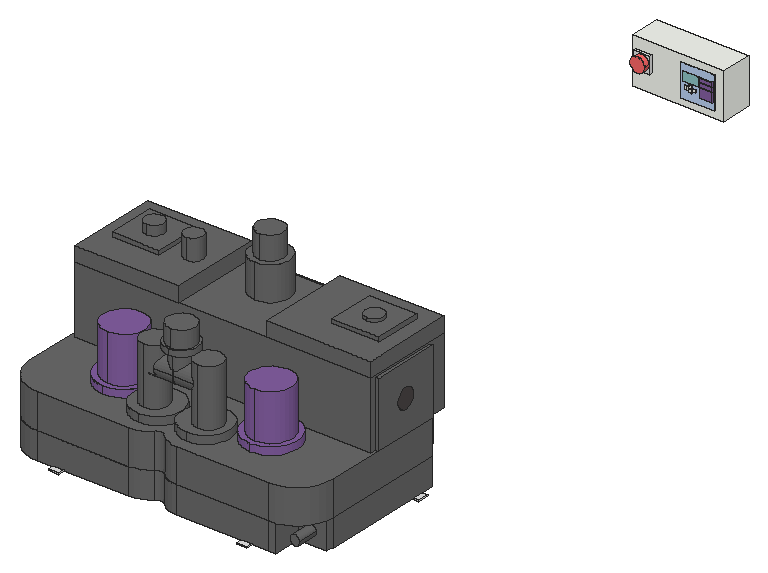
Revit family "11100", category Generic Models, Revit 2021
Family settings
  Can host rebar = No
  Round Connector Dimension = Use Diameter
  Part Type = Normal
  Work Plane-Based = No
  Always vertical = Yes
  Cut with Voids When Loaded = No
  Shared = Yes
  Room Calculation Point = No
Parameters (values of type "11100")
  SUPPLIER = "KESSEL"
  SA700ID49 = "Protection Class I"
  SA700ID48 = "no"
  SA700ID47 = "no"
  SA700ID46 = "yes"
  SA700ID37 = 8000 mm
  SA700ID34 = 40
  SA700ID33 = 1.4 W
  SA700ID32 = 108.79 kg
  SA700ID31 = 1
  SA700ID30 = 2
  SA700ID29 = "RWDR"
  SA700ID21 = 800
  SA700ID10 = "yes"
  SA700ID08 = 400 V
  PROCUREWEBLINK = "https://p.caden.as/kessel/11100"
  PROCURELINK = "p.caden.as/kessel/11100"
  PROCUREDATALASTUPDATE = "2024-05-22T12:17:47.507514471+01:00"
  PREVIEW = "../../_pool_/36/c6/11100.png"
  PRC_SPECIFICATIONLINK = "https://ausschreiben.de/catalog/kessel/catalogItem/57b6c2e4-b767-4883-95d8-9f2e30815597"
  NN = "Lifting station Aqualift F XL"
  NBSYN = "$SA810ID03."
  NB = "11100"
  Model = "11100"
  Manufacturer = "KESSEL"
  MIdent = "{$CADENAS_DATA/23d-libs/kessel/kessel_vdi_import/4/entwaesserung/hebeanlage20aqualift20f20xl.prj},201 {STYP=ASS},{VTYP=3D},{NB=11100},{LINA=11100},{NN=Lifting station Aqualift F XL},{DATE=21.11.2022 10:48:11},{GEOMDATE=21.11.2022 10:48:11},{VERSION=},{LINEID=320},{WBVAR=LODLEVEL},{WBNUMERIC=LODLEVEL}  {NB=11100},{LINA=11100},{KT=DUMMY},{PREVIEW=../../_pool_/36/c6/11100.png},{SA700ID04=Hebeanlage Aqualift F XL 300 l, Duo, SPF 1500-S1},{SA810ID06=04026092057674},{SA700ID34=40.00},{SA010ID03=201805},{SA810ID03=11100},{SA810ID10=Aqualift F XL 1500W-S1 Duo 300L o.S.KESSEL Aqualift F XL Hebeanlage für fäkalienhaltiges und fäkalienfreies Abwasser. Zur Aufstellung in frostgeschützten Räumen.Duoanlage mit zwei Pumpen des Typs SPF 1500-S1 Sammelbehälter aus Polyethylen, mit verschraubter Reinigungsöffnung,Anschlussstutzen für Zulauf von oben DN100/150.Inklusive Tauchrohr zur pneumatischen Niveauerfassung,Entlüftungsanschluss DN 70 und Anschluss für eine Handmembranpumpe DN 32.Behälter inklusive Haltewinkel zur Auftriebssicherung.Behältervolumen 300 Liter, max. Nutzvolumen bei Zulauf von oben ca. 175 Liter.Zwei seitliche und drei rückseitige Anbohrflächen zur Montage weiterer Zuläufe bis DN 200 unter Verwendung von Durchgangsdichtungen.Inklusive KESSEL Schaltgerät Aqualift Comfort 400 V.Anwenderfreundliche Menüführung im mehrzeiligem Display. MitSelbstdiagnosesystem (SDS) und Erinnerungsfunktion für nächste Wartung.Anzeige der aktuellen Messwerte. Einfache Einstellung derfunktionsrelevanten Parameter, inklusive Betriebsstundenzähler und potentialfreiem Kontakt. Optionale Weiterleitung von Alarm- und Sammelstörmeldung über GSM Schnittstelle.Schaltgerät mit Volltextanzeige in sechs Sprachen.Abwasserpumpe(n) mit Freistromrad zur Förderung von fäkalienfreiem und fäkalienhaltigem Abwasser gemäß DIN EN 12050-1. Freier Kugeldurchgang mindestens 40 mm. Pumpe(n) überflutungssicher.Inklusive Rückflussverhinderer, mit Druckabgang aus Kunststoff DN 100. Ohne Absperrschieber.Pumpe(n) Typ SPF 1500-S1Fördermenge: max. 40 m³/hFörderhöhe: max. 8 mNennleistung (P2): 1,1 KW je PumpeAufnahmeleistung (P1): 1,4 KW je PumpeBetriebsspannung: 400 V DSNennfrequenz: 50 HzNennstrom: 2,7 AAbsicherung: 3 x 16 A trägeSchutzart (Pumpe): IP68 3mWS/48hSchutzart (Schaltgerät): IP 65Bertiebsart: S1Kabellänge: 5 mAußenmaße Anlage mit 300 Liter Behälter (BxTxH): 1260 x 760 x 770 mmGewicht ca. 108,79 kg},{SA700ID37=8.00},{SA700ID33=1.40},{SA700ID08=400},{SA700ID30=2},{SA700ID32=108.79},{SA700ID49=Schutzklasse I},{SA700ID50=intern},{SA200ID03=6},{SA250ID03=vertikal},{SA260ID03=Trockenläuferpumpe},{SA350ID03=normalansaugend},{SA400ID03=E-Motor für Drehstrom},{SA460ID03=direkt},{SA500ID03=Kunststoff, Edelstahl},{SA700ID06=100},{SA700ID07=100},{SA700ID09=3/N/PE 400V},{SA700ID10=Ja},{SA700ID11=50},{SA700ID12=IP 68},{SA700ID13=F},{SA700ID15=40},{SA700ID21=800.00},{SA700ID22=1.10},{SA700ID23=1415},{SA700ID24=1415},{SA700ID26=2.70},{SA700ID27=21.00},{SA700ID28=durchgehend},{SA700ID29=RWDR},{SA700ID31=1},{SA700ID46=ja},{SA700ID47=nein},{SA700ID48=nein},{SA110ID04=Hebeanlage Aqualift F XL},{SA300ID03=einstufig},{SA700ID44=10.00},{SA700ID45=10.00},{SA010ID04=KESSEL AG},{LODLEVEL=200},{LINK=https://www.kessel.de/info?han=11100},{SA970ID01=970},{SA970ID02=7182},{SA970ID03=11100},{SA970ID04=11002617},{SA970ID05=QUAD},{SA970ID06=-655.51},{SA970ID07=-635.99},{SA970ID08=0},{SA970ID09=1},{SA970ID10=0},{SA970ID11=0},{SA970ID12=0},{SA970ID13=1},{SA970ID14=0},{SA970ID15=1311.02},{SA970ID16=785.99},{SA970ID17=771},{LODLEVEL_=200,'Low'},{LODLEVEL_DEU=200,'Low'},{LINK_=https://www.kessel.de/info?han=11100},{LINK_DEU=https://www.kessel.de/info?han=11100},{LODLEVEL_3DB=11100_200},{DNIN1=100},{DNIN2=70},{DNIN4=10},{DNIN5=10},{DNIN6=50},{DNIN7=50},{DNIN8=50},{DNIN9=50},{DNOUT1=32},{DNOUT2=100},{DNOUT3=70},{ISD1=96},{ISD2=10},{ISDOUT1=40},{ISDOUT2=60},{ISDOUT3=65},{SA010ID01=010},{SA010ID02=4},{SA010ID06=www.kessel.de},{SA010ID07=www.kessel.de},{SA010ID12=20180713},{SA010ID13=DEU},{SA010ID14=DE},{SA100ID01=100},{SA100ID02=4},{SA100ID04=Entwässerung},{SA110ID01=110},{SA110ID02=6},{SA200ID01=200},{SA200ID02=6},{SA250ID01=250},{SA250ID02=2},{SA260ID01=260},{SA260ID02=2},{SA300ID01=300},{SA300ID02=1},{SA350ID01=350},{SA350ID02=1},{SA400ID01=400},{SA400ID02=2},{SA460ID01=460},{SA460ID02=1},{SA500ID01=500},{SA500ID02=1},{SA700ID01=700},{SA700ID02=72},{SA700ID10_=1},{SA700ID16=0},{SA700ID25=0},{SA700ID46_=1},{SA700ID47_=0},{SA700ID48_=0},{SA700ID49_=1},{SA700ID50_=2},{SA800ID01=800},{SA800ID02=36},{SA810ID01=810},{SA810ID02=72},{SA810ID04=11100},{SA810ID07=72},{SA810ID09=1},{SA810ID14=PCE},{SA810ID15=1},{SA810ID16=NMP},{SA960ID03=72},{SA960ID04=3L},{SA960ID08=https://www.kessel.de/info?han=11100},{SA010ID08=4026092000007},{SA100ID05=Hebeanlage},{SA110ID06=Hebeanlage}"
  LINK = "https://www.kessel.de/info?han=11100"
  LINA = "11100"
  Default Elevation = 0 mm
  CREATOR = "CADENAS GmbH"
  CATALOG = "KESSEL"
  BOMINFO = "LINA"
  ARTICLENO = "NB"
  4.810.00.9 Order quantity (multiplicator) = "1"
  4.810.00.7 Media- connection number = "72"
  4.810.00.6 GTIN number = "04026092057674"
  4.810.00.4 DATANORM number = "11100"
  4.810.00.3 Producer order number = "11100"
  4.710.03.7 Mass (net) = 108.79 kg
  4.710.03.6 Height = 770 mm
  4.710.03.5 Width = 760 mm
  4.710.03.4 Length = 1260 mm
  4.710.03.3 Type of dimensions = "2"
  4.710.02.8 Area of application of wastewater pump = "1"
  4.710.02.6 Duty type = "S1"
  4.710.02.5 Cutting device = "0"
  4.710.02.4 Attached pump control = "1"
  4.710.02.3 Free passage = 40 mm
  4.710.01.6 Option to connect to building automation = "40"
  4.710.01.5 Load regulation = "0"
  4.710.01.4 Designation of closed-loop control = "175"
  4.710.01.3 Identifier for closed-loop control = "300"
  4.700.00.9 Voltage = 0
  4.700.00.8 Nominal connection size on suction side = "100"
  4.700.00.7 Nominal connection size on pressure side = "100"
  4.700.00.6 Type of connection = "100"
  4.700.00.4 Product indentification = "Hebeanlage Aqualift F XL 300 l, Duo, SPF 1500-S1"
  4.700.00.28 Motor pump shaft = "durchgehend"
  4.700.00.27 Starting current = 21
  4.700.00.26 Maximum power consumption per pump / drive = 2.7
  4.700.00.25 Minimum speed at internal speed adjustment = 0
  4.700.00.24 Nominal speed / maximum speed n = 23.5833
  4.700.00.23 Nominal speed of motor = 23.5833
  4.700.00.22 Maximum shaft output (P2) per pump/drive = 1.1 W
  4.700.00.16 Maximum temperature of pumped medium = 0 °C
  4.700.00.15 Increased safety class = "40 °C"
  4.700.00.13 Type of protection = "F"
  4.700.00.12 Frequency = 0
  4.700.00.11 Stern-/Dreieck-Anlaufschaltung bei Dreiphasenanschluss oder Drehstrom = "50 Hz"
  4.700.00.10 Phase = "1"
  4.500.00.3 Variant / Variant type / Accessories-name = "Kunststoff, Edelstahl"
  4.460.00.3 Variant / Variant type / Accessories-name = "direkt"
  4.400.00.3 Variant / Variant type / Accessories-name = "E-Motor für Drehstrom"
  4.350.00.3 Variant / Variant type / Accessories-name = "normalansaugend"
  4.300.00.3 Variant / Variant type / Accessories-name = "einstufig"
  4.260.00.3 Variant / Variant type / Accessories-name = "Trockenläuferpumpe"
  4.250.00.3 Variant / Variant type / Accessories-name = "vertikal"
  4.200.00.3 Variant / Variant type / Accessories-name = "6"
  4.110.00.6 Product classification = "Hebeanlage"
  4.110.00.4 Product indentification = "Hebeanlage Aqualift F XL"
  4.100.00.5 Main groups of wares = "Hebeanlage"
  4.100.00.4 Product indentification = "Entwässerung"
  4.010.00.8 Producer ID number = "4026092000007"
  4.010.00.7 Comment = "www.kessel.de"
  4.010.00.6 Web address of the manufacturer = "www.kessel.de"
  4.010.00.4 Manufacturer name = "KESSEL AG"
  4.010.00.3 Date of issuance (month) of guideline = "201805"
  4.010.00.2 Sheet number of the guideline = "4"
  4.010.00.14 Kennungen der Projektländer, für die die Datei gültig ist = "DE"
  4.010.00.13 Sprache der Datei = "DEU"
  4.010.00.12 Stand des Herstellerkatalogs = "20180713"
Reference planes
  plane 1 "Center (Front/Back)": y = 0
  plane 2: z = 0
  plane 3 "Center (Left/Right)": x = 0
Dimensions and locks
  aligned and locked: level to plane 2
Nested families
  nested 1: "11100_content" at (0, 0, 0), type "11100_Content"
  nested 2: "11100_part1_X0Y0" at (1000, 1000, 1200), type "11100_PART1_X0Y0"
  nested 3: "11100_part2_X0Y0" at (0, 0, 0), type "11100_PART2_X0Y0"
Connectors
  electrical at (861, 933, 1201.5)
    settings: on nested 2, index 1, voltage 0 V, apparent load 0 VA, apparent load phase1 0 VA, apparent load phase2 0 VA, apparent load phase3 0 VA, power factor 1, load classification "Other", number of poles 1, system type 31, power factor state 1, is connector primary yes, connector utility no, sub classification motor no, connector description ""
  piping at (0, 0, 771), diameter 100
    settings: on nested 3, index 2, connector inside diameter 609.6 mm, connector length 0 mm, flow factor 0, pipe flow 0.0 L/s, pressure drop 0.0 Pa, fitting loss kfactor 0, connector angle 0.00°, fixture units 0, engagement length 0 mm, angle of deflection 0.00°, flow configuration 0, flow direction 1, fitting loss method 2, system type 8, joint type 0, gender type 0, connector reference index -1, connector utility 0, adjustable connector no, is connector primary yes, connector description ""
  piping at (631, -84.999, 392), diameter 70
    settings: on nested 3, index 3, connector inside diameter 609.6 mm, connector length 0 mm, flow factor 0, pipe flow 0.0 L/s, pressure drop 0.0 Pa, fitting loss kfactor 0, connector angle 0.00°, fixture units 0, engagement length 0 mm, angle of deflection 0.00°, flow configuration 0, flow direction 0, fitting loss method 2, system type 8, joint type 0, gender type 0, connector reference index -1, connector utility 0, adjustable connector no, is connector primary no, connector description ""
  piping at (358.7, 150.5, 392), diameter 70
    settings: on nested 3, index 4, connector inside diameter 609.6 mm, connector length 0 mm, flow factor 0, pipe flow 0.0 L/s, pressure drop 0.0 Pa, fitting loss kfactor 0, connector angle 0.00°, fixture units 0, engagement length 0 mm, angle of deflection 0.00°, flow configuration 0, flow direction 0, fitting loss method 2, system type 8, joint type 0, gender type 0, connector reference index -1, connector utility 0, adjustable connector no, is connector primary no, connector description ""
  piping at (0, 150.5, 392), diameter 70
    settings: on nested 3, index 5, connector inside diameter 609.6 mm, connector length 0 mm, flow factor 0, pipe flow 0.0 L/s, pressure drop 0.0 Pa, fitting loss kfactor 0, connector angle 0.00°, fixture units 0, engagement length 0 mm, angle of deflection 0.00°, flow configuration 0, flow direction 0, fitting loss method 2, system type 8, joint type 0, gender type 0, connector reference index -1, connector utility 0, adjustable connector no, is connector primary no, connector description ""
  piping at (-357.7, 150.5, 392), diameter 70
    settings: on nested 3, index 6, connector inside diameter 609.6 mm, connector length 0 mm, flow factor 0, pipe flow 0.0 L/s, pressure drop 0.0 Pa, fitting loss kfactor 0, connector angle 0.00°, fixture units 0, engagement length 0 mm, angle of deflection 0.00°, flow configuration 0, flow direction 0, fitting loss method 2, system type 8, joint type 0, gender type 0, connector reference index -1, connector utility 0, adjustable connector no, is connector primary no, connector description ""
  piping at (-630, -85, 392), diameter 70
    settings: on nested 3, index 7, connector inside diameter 609.6 mm, connector length 0 mm, flow factor 0, pipe flow 0.0 L/s, pressure drop 0.0 Pa, fitting loss kfactor 0, connector angle 0.00°, fixture units 0, engagement length 0 mm, angle of deflection 0.00°, flow configuration 0, flow direction 0, fitting loss method 2, system type 8, joint type 0, gender type 0, connector reference index -1, connector utility 0, adjustable connector no, is connector primary no, connector description ""
  piping at (0, -460, 620), diameter 100
    settings: on nested 3, index 8, connector inside diameter 609.6 mm, connector length 0 mm, flow factor 0, pipe flow 0.0 L/s, pressure drop 0.0 Pa, fitting loss kfactor 0, connector angle 0.00°, fixture units 0, engagement length 0 mm, angle of deflection 0.00°, flow configuration 0, flow direction 2, fitting loss method 2, system type 7, joint type 0, gender type 0, connector reference index -1, connector utility 0, adjustable connector no, is connector primary no, connector description ""
  piping at (-269.5, -60, 681), diameter 70
    settings: on nested 3, index 9, connector inside diameter 609.6 mm, connector length 0 mm, flow factor 0, pipe flow 0.0 L/s, pressure drop 0.0 Pa, fitting loss kfactor 0, connector angle 0.00°, fixture units 0, engagement length 0 mm, angle of deflection 0.00°, flow configuration 0, flow direction 2, fitting loss method 2, system type 7, joint type 0, gender type 0, connector reference index -1, connector utility 0, adjustable connector no, is connector primary no, connector description ""
  piping at (565, -575.5, 56), diameter 32
    settings: on nested 3, index 10, connector inside diameter 609.6 mm, connector length 0 mm, flow factor 0, pipe flow 0.0 L/s, pressure drop 0.0 Pa, fitting loss kfactor 0, connector angle 0.00°, fixture units 0, engagement length 0 mm, angle of deflection 0.00°, flow configuration 0, flow direction 2, fitting loss method 2, system type 7, joint type 0, gender type 0, connector reference index -1, connector utility 0, adjustable connector no, is connector primary no, connector description ""
  electrical at (305.4, -376.25, 477)
    settings: on nested 3, index 11, voltage 0 V, apparent load 0 VA, apparent load phase1 0 VA, apparent load phase2 0 VA, apparent load phase3 0 VA, power factor 1, load classification "Other", number of poles 1, system type 31, power factor state 1, is connector primary no, connector utility no, sub classification motor no, connector description ""
  electrical at (-305.4, -376.25, 477)
    settings: on nested 3, index 12, voltage 0 V, apparent load 0 VA, apparent load phase1 0 VA, apparent load phase2 0 VA, apparent load phase3 0 VA, power factor 1, load classification "Other", number of poles 1, system type 31, power factor state 1, is connector primary no, connector utility no, sub classification motor no, connector description ""
  electrical at (-457, -29.5, 650)
    settings: on nested 3, index 13, voltage 0 V, apparent load 0 VA, apparent load phase1 0 VA, apparent load phase2 0 VA, apparent load phase3 0 VA, power factor 1, load classification "Other", number of poles 1, system type 31, power factor state 1, is connector primary no, connector utility no, sub classification motor no, connector description ""
Definition of nested family "11100_part1_X0Y0"
  Parameters (values of type "11100_PART1_X0Y0")
    SUPPLIER = "KESSEL"
    SA700ID49 = "Protection Class I"
    SA700ID48 = "no"
    SA700ID47 = "no"
    SA700ID46 = "yes"
    SA700ID37 = 8000 mm
    SA700ID34 = 40
    SA700ID33 = 1.4 W
    SA700ID32 = 108.79 kg
    SA700ID31 = 1
    SA700ID30 = 2
    SA700ID29 = "RWDR"
    SA700ID21 = 800
    SA700ID10 = "yes"
    SA700ID08 = 400 V
    PREVIEW = "../../_pool_/36/c6/11100.png"
    NBSYN = "$SA810ID03._PART1"
    NB = "11100_PART1"
    Model = "11100_PART1"
    Manufacturer = "KESSEL"
    MIdent = "{$CADENAS_DATA/23d-libs/kessel/kessel_vdi_import/4/entwaesserung/hebeanlage20aqualift20f20xl.prj},221 {VTYP=3D},{NB=11100_PART1},{LINA=11100_PART1},{NN=Lifting station Aqualift F XL_PART1},{NOPRJ=TRUE},{DATE=21.11.2022 10:48:11},{GEOMDATE=21.11.2022 10:48:11},{VERSION=},{LINEID=320},{WBVAR=LODLEVEL},{WBNUMERIC=LODLEVEL}  {NB=11100_PART1},{LINA=11100_PART1},{KT=DUMMY},{PREVIEW=../../_pool_/36/c6/11100.png},{SA700ID04=Hebeanlage Aqualift F XL 300 l, Duo, SPF 1500-S1},{SA810ID06=04026092057674},{SA700ID34=40.00},{SA010ID03=201805},{SA810ID03=11100},{SA810ID10=Aqualift F XL 1500W-S1 Duo 300L o.S.KESSEL Aqualift F XL Hebeanlage für fäkalienhaltiges und fäkalienfreies Abwasser. Zur Aufstellung in frostgeschützten Räumen.Duoanlage mit zwei Pumpen des Typs SPF 1500-S1 Sammelbehälter aus Polyethylen, mit verschraubter Reinigungsöffnung,Anschlussstutzen für Zulauf von oben DN100/150.Inklusive Tauchrohr zur pneumatischen Niveauerfassung,Entlüftungsanschluss DN 70 und Anschluss für eine Handmembranpumpe DN 32.Behälter inklusive Haltewinkel zur Auftriebssicherung.Behältervolumen 300 Liter, max. Nutzvolumen bei Zulauf von oben ca. 175 Liter.Zwei seitliche und drei rückseitige Anbohrflächen zur Montage weiterer Zuläufe bis DN 200 unter Verwendung von Durchgangsdichtungen.Inklusive KESSEL Schaltgerät Aqualift Comfort 400 V.Anwenderfreundliche Menüführung im mehrzeiligem Display. MitSelbstdiagnosesystem (SDS) und Erinnerungsfunktion für nächste Wartung.Anzeige der aktuellen Messwerte. Einfache Einstellung derfunktionsrelevanten Parameter, inklusive Betriebsstundenzähler und potentialfreiem Kontakt. Optionale Weiterleitung von Alarm- und Sammelstörmeldung über GSM Schnittstelle.Schaltgerät mit Volltextanzeige in sechs Sprachen.Abwasserpumpe(n) mit Freistromrad zur Förderung von fäkalienfreiem und fäkalienhaltigem Abwasser gemäß DIN EN 12050-1. Freier Kugeldurchgang mindestens 40 mm. Pumpe(n) überflutungssicher.Inklusive Rückflussverhinderer, mit Druckabgang aus Kunststoff DN 100. Ohne Absperrschieber.Pumpe(n) Typ SPF 1500-S1Fördermenge: max. 40 m³/hFörderhöhe: max. 8 mNennleistung (P2): 1,1 KW je PumpeAufnahmeleistung (P1): 1,4 KW je PumpeBetriebsspannung: 400 V DSNennfrequenz: 50 HzNennstrom: 2,7 AAbsicherung: 3 x 16 A trägeSchutzart (Pumpe): IP68 3mWS/48hSchutzart (Schaltgerät): IP 65Bertiebsart: S1Kabellänge: 5 mAußenmaße Anlage mit 300 Liter Behälter (BxTxH): 1260 x 760 x 770 mmGewicht ca. 108,79 kg},{SA700ID37=8.00},{SA700ID33=1.40},{SA700ID08=400},{SA700ID30=2},{SA700ID32=108.79},{SA700ID49=Schutzklasse I},{SA700ID50=intern},{SA200ID03=6},{SA250ID03=vertikal},{SA260ID03=Trockenläuferpumpe},{SA350ID03=normalansaugend},{SA400ID03=E-Motor für Drehstrom},{SA460ID03=direkt},{SA500ID03=Kunststoff, Edelstahl},{SA700ID06=100},{SA700ID07=100},{SA700ID09=3/N/PE 400V},{SA700ID10=Ja},{SA700ID11=50},{SA700ID12=IP 68},{SA700ID13=F},{SA700ID15=40},{SA700ID21=800.00},{SA700ID22=1.10},{SA700ID23=1415},{SA700ID24=1415},{SA700ID26=2.70},{SA700ID27=21.00},{SA700ID28=durchgehend},{SA700ID29=RWDR},{SA700ID31=1},{SA700ID46=ja},{SA700ID47=nein},{SA700ID48=nein},{SA110ID04=Hebeanlage Aqualift F XL},{SA300ID03=einstufig},{SA700ID44=10.00},{SA700ID45=10.00},{SA010ID04=KESSEL AG},{LODLEVEL=200},{LINK=https://www.kessel.de/info?han=11100},{SA970ID01=970},{SA970ID02=7182},{SA970ID03=11100},{SA970ID04=11002617},{SA970ID05=QUAD},{SA970ID06=-655.51},{SA970ID07=-635.99},{SA970ID08=0},{SA970ID09=1},{SA970ID10=0},{SA970ID11=0},{SA970ID12=0},{SA970ID13=1},{SA970ID14=0},{SA970ID15=1311.02},{SA970ID16=785.99},{SA970ID17=771},{LODLEVEL_=200,'Low'},{LODLEVEL_DEU=200,'Low'},{LINK_=https://www.kessel.de/info?han=11100},{LINK_DEU=https://www.kessel.de/info?han=11100},{LODLEVEL_3DB=11100_200},{DNIN1=100},{DNIN2=70},{DNIN4=10},{DNIN5=10},{DNIN6=50},{DNIN7=50},{DNIN8=50},{DNIN9=50},{DNOUT1=32},{DNOUT2=100},{DNOUT3=70},{ISD1=96},{ISD2=10},{ISDOUT1=40},{ISDOUT2=60},{ISDOUT3=65},{SA010ID01=010},{SA010ID02=4},{SA010ID06=www.kessel.de},{SA010ID07=www.kessel.de},{SA010ID12=20180713},{SA010ID13=DEU},{SA010ID14=DE},{SA100ID01=100},{SA100ID02=4},{SA100ID04=Entwässerung},{SA110ID01=110},{SA110ID02=6},{SA200ID01=200},{SA200ID02=6},{SA250ID01=250},{SA250ID02=2},{SA260ID01=260},{SA260ID02=2},{SA300ID01=300},{SA300ID02=1},{SA350ID01=350},{SA350ID02=1},{SA400ID01=400},{SA400ID02=2},{SA460ID01=460},{SA460ID02=1},{SA500ID01=500},{SA500ID02=1},{SA700ID01=700},{SA700ID02=72},{SA700ID10_=1},{SA700ID16=0},{SA700ID25=0},{SA700ID46_=1},{SA700ID47_=0},{SA700ID48_=0},{SA700ID49_=1},{SA700ID50_=2},{SA800ID01=800},{SA800ID02=36},{SA810ID01=810},{SA810ID02=72},{SA810ID04=11100},{SA810ID07=72},{SA810ID09=1},{SA810ID14=PCE},{SA810ID15=1},{SA810ID16=NMP},{SA960ID03=72},{SA960ID04=3L},{SA960ID08=https://www.kessel.de/info?han=11100},{SA010ID08=4026092000007},{SA100ID05=Hebeanlage},{SA110ID06=Hebeanlage}"
    LINK = "https://www.kessel.de/info?han=11100"
    LINA = "11100_PART1"
    Default Elevation = 1219.2 mm
    CREATOR = "CADENAS GmbH"
    CATALOG = "KESSEL"
    BOMINFO = "LINA"
    ARTICLENO = "NB"
    4.810.00.9 Order quantity (multiplicator) = "1"
    4.810.00.7 Media- connection number = "72"
    4.810.00.6 GTIN number = "04026092057674"
    4.810.00.4 DATANORM number = "11100"
    4.810.00.3 Producer order number = "11100"
    4.710.03.7 Mass (net) = 108.79 kg
    4.710.03.6 Height = 770 mm
    4.710.03.5 Width = 760 mm
    4.710.03.4 Length = 1260 mm
    4.710.03.3 Type of dimensions = "2"
    4.710.02.8 Area of application of wastewater pump = "1"
    4.710.02.6 Duty type = "S1"
    4.710.02.5 Cutting device = "0"
    4.710.02.4 Attached pump control = "1"
    4.710.02.3 Free passage = 40 mm
    4.710.01.6 Option to connect to building automation = "40"
    4.710.01.5 Load regulation = "0"
    4.710.01.4 Designation of closed-loop control = "175"
    4.710.01.3 Identifier for closed-loop control = "300"
    4.700.00.9 Voltage = 0
    4.700.00.8 Nominal connection size on suction side = "100"
    4.700.00.7 Nominal connection size on pressure side = "100"
    4.700.00.6 Type of connection = "100"
    4.700.00.4 Product indentification = "Hebeanlage Aqualift F XL 300 l, Duo, SPF 1500-S1"
    4.700.00.28 Motor pump shaft = "durchgehend"
    4.700.00.27 Starting current = 21
    4.700.00.26 Maximum power consumption per pump / drive = 2.7
    4.700.00.25 Minimum speed at internal speed adjustment = 0
    4.700.00.24 Nominal speed / maximum speed n = 23.5833
    4.700.00.23 Nominal speed of motor = 23.5833
    4.700.00.22 Maximum shaft output (P2) per pump/drive = 1.1 W
    4.700.00.16 Maximum temperature of pumped medium = 0 °C
    4.700.00.15 Increased safety class = "40 °C"
    4.700.00.13 Type of protection = "F"
    4.700.00.12 Frequency = 0
    4.700.00.11 Stern-/Dreieck-Anlaufschaltung bei Dreiphasenanschluss oder Drehstrom = "50 Hz"
    4.700.00.10 Phase = "1"
    4.500.00.3 Variant / Variant type / Accessories-name = "Kunststoff, Edelstahl"
    4.460.00.3 Variant / Variant type / Accessories-name = "direkt"
    4.400.00.3 Variant / Variant type / Accessories-name = "E-Motor für Drehstrom"
    4.350.00.3 Variant / Variant type / Accessories-name = "normalansaugend"
    4.300.00.3 Variant / Variant type / Accessories-name = "einstufig"
    4.260.00.3 Variant / Variant type / Accessories-name = "Trockenläuferpumpe"
    4.250.00.3 Variant / Variant type / Accessories-name = "vertikal"
    4.200.00.3 Variant / Variant type / Accessories-name = "6"
    4.110.00.6 Product classification = "Hebeanlage"
    4.110.00.4 Product indentification = "Hebeanlage Aqualift F XL"
    4.100.00.5 Main groups of wares = "Hebeanlage"
    4.100.00.4 Product indentification = "Entwässerung"
    4.010.00.8 Producer ID number = "4026092000007"
    4.010.00.7 Comment = "www.kessel.de"
    4.010.00.6 Web address of the manufacturer = "www.kessel.de"
    4.010.00.4 Manufacturer name = "KESSEL AG"
    4.010.00.3 Date of issuance (month) of guideline = "201805"
    4.010.00.2 Sheet number of the guideline = "4"
    4.010.00.14 Kennungen der Projektländer, für die die Datei gültig ist = "DE"
    4.010.00.13 Sprache der Datei = "DEU"
    4.010.00.12 Stand des Herstellerkatalogs = "20180713"
  Reference planes
    plane 1 "Center (Front/Back)": y = 0
    plane 2: z = 0
    plane 3 "Center (Left/Right)": x = 0
  Dimensions and locks
    aligned and locked: level to plane 2
  Nested families
    nested 1: "11100_part1_content" at (0, 0, 0), type "11100_PART1_Content"
  Definition of nested family "11100_part1_content"
    Parameters (values of type "11100_PART1_Content")
      SUPPLIER = "KESSEL"
      SA700ID49 = "Protection Class I"
      SA700ID48 = "no"
      SA700ID47 = "no"
      SA700ID46 = "yes"
      SA700ID37 = 8000 mm
      SA700ID34 = 40
      SA700ID33 = 1.4 W
      SA700ID32 = 108.79 kg
      SA700ID31 = 1
      SA700ID30 = 2
      SA700ID29 = "RWDR"
      SA700ID21 = 800
      SA700ID10 = "yes"
      SA700ID08 = 400 V
      PREVIEW = "../../_pool_/36/c6/11100.png"
      NBSYN = "$SA810ID03._PART1"
      NB = "11100_PART1"
      Model = "11100_PART1"
      Manufacturer = "KESSEL"
      LINK = "https://www.kessel.de/info?han=11100"
      LINA = "11100_PART1"
      Default Elevation = 1219.2 mm
      CREATOR = "CADENAS GmbH"
      CATALOG = "KESSEL"
      BOMINFO = "LINA"
      ARTICLENO = "NB"
      4.810.00.9 Order quantity (multiplicator) = "1"
      4.810.00.7 Media- connection number = "72"
      4.810.00.6 GTIN number = "04026092057674"
      4.810.00.4 DATANORM number = "11100"
      4.810.00.3 Producer order number = "11100"
      4.710.03.7 Mass (net) = 108.79 kg
      4.710.03.6 Height = 770 mm
      4.710.03.5 Width = 760 mm
      4.710.03.4 Length = 1260 mm
      4.710.03.3 Type of dimensions = "2"
      4.710.02.8 Area of application of wastewater pump = "1"
      4.710.02.6 Duty type = "S1"
      4.710.02.5 Cutting device = "0"
      4.710.02.4 Attached pump control = "1"
      4.710.02.3 Free passage = 40 mm
      4.710.01.6 Option to connect to building automation = "40"
      4.710.01.5 Load regulation = "0"
      4.710.01.4 Designation of closed-loop control = "175"
      4.710.01.3 Identifier for closed-loop control = "300"
      4.700.00.9 Voltage = 0
      4.700.00.8 Nominal connection size on suction side = "100"
      4.700.00.7 Nominal connection size on pressure side = "100"
      4.700.00.6 Type of connection = "100"
      4.700.00.4 Product indentification = "Hebeanlage Aqualift F XL 300 l, Duo, SPF 1500-S1"
      4.700.00.28 Motor pump shaft = "durchgehend"
      4.700.00.27 Starting current = 21
      4.700.00.26 Maximum power consumption per pump / drive = 2.7
      4.700.00.25 Minimum speed at internal speed adjustment = 0
      4.700.00.24 Nominal speed / maximum speed n = 23.5833
      4.700.00.23 Nominal speed of motor = 23.5833
      4.700.00.22 Maximum shaft output (P2) per pump/drive = 1.1 W
      4.700.00.16 Maximum temperature of pumped medium = 0 °C
      4.700.00.15 Increased safety class = "40 °C"
      4.700.00.13 Type of protection = "F"
      4.700.00.12 Frequency = 0
      4.700.00.11 Stern-/Dreieck-Anlaufschaltung bei Dreiphasenanschluss oder Drehstrom = "50 Hz"
      4.700.00.10 Phase = "1"
      4.500.00.3 Variant / Variant type / Accessories-name = "Kunststoff, Edelstahl"
      4.460.00.3 Variant / Variant type / Accessories-name = "direkt"
      4.400.00.3 Variant / Variant type / Accessories-name = "E-Motor für Drehstrom"
      4.350.00.3 Variant / Variant type / Accessories-name = "normalansaugend"
      4.300.00.3 Variant / Variant type / Accessories-name = "einstufig"
      4.260.00.3 Variant / Variant type / Accessories-name = "Trockenläuferpumpe"
      4.250.00.3 Variant / Variant type / Accessories-name = "vertikal"
      4.200.00.3 Variant / Variant type / Accessories-name = "6"
      4.110.00.6 Product classification = "Hebeanlage"
      4.110.00.4 Product indentification = "Hebeanlage Aqualift F XL"
      4.100.00.5 Main groups of wares = "Hebeanlage"
      4.100.00.4 Product indentification = "Entwässerung"
      4.010.00.8 Producer ID number = "4026092000007"
      4.010.00.7 Comment = "www.kessel.de"
      4.010.00.6 Web address of the manufacturer = "www.kessel.de"
      4.010.00.4 Manufacturer name = "KESSEL AG"
      4.010.00.3 Date of issuance (month) of guideline = "201805"
      4.010.00.2 Sheet number of the guideline = "4"
      4.010.00.14 Kennungen der Projektländer, für die die Datei gültig ist = "DE"
      4.010.00.13 Sprache der Datei = "DEU"
      4.010.00.12 Stand des Herstellerkatalogs = "20180713"
    Reference planes
      plane 1 "Center (Front/Back)": y = 0
      plane 2: z = 0
      plane 3 "Center (Left/Right)": x = 0
    Forms (mm)
      Extrusion 1, solid, detail levels medium+fine
        sketch origin (189.25, -1.75, 0.2) x (0, -1, 0) y (0, 0, 1)
          loop
            line (0, 187.8) -> (0, 0) -> (127.75, 0) -> (127.75, 187.8) -> (0, 187.8)
        from 0 to 378.5
      Extrusion 2, solid, detail levels medium+fine
        sketch origin (-4, -67, 0) x (0, 1, 0) y (-1, 0, 0)
          loop
            circle (0, 0) r 12.5
        from 0 to 1.5
      Extrusion 3, solid, detail levels medium+fine
        sketch origin (150.8, -129.5, 26.5) x (0, -1, 0) y (0, 0, 1)
          loop
            line (-1.2, 134.8) -> (-1.2, 0) -> (0.25, 0) -> (0.25, 134.8) -> (-1.2, 134.8)
        from 0 to 139.9
      Extrusion 4, solid, detail levels medium+fine
        sketch origin (72.55, -129.75, 66) x (0, -1, 0) y (0, 0, 1)
          loop
            line (-1, 12) -> (-1, 0) -> (0.5, 0) -> (0.5, 12) -> (-1, 12)
        from 0 to 12
      Extrusion 5, solid, detail levels medium+fine
        sketch origin (84.45, -129.75, 93.4) x (0, -1, 0) y (0, 0, 1)
          loop
            line (-1, 37) -> (-1, 0) -> (0.5, 0) -> (0.5, 37) -> (-1, 37)
        from 0 to 66
      Extrusion 6, solid, detail levels medium+fine
        sketch origin (55.3, -129.75, 74) x (0, -1, 0) y (0, 0, 1)
          loop
            line (-1, 12) -> (-1, 0) -> (0.5, 0) -> (0.5, 12) -> (-1, 12)
        from 0 to 12
      Extrusion 7, solid, detail levels medium+fine
        sketch origin (143.3, -129.75, 94.4) x (0, -1, 0) y (0, 0, 1)
          loop
            line (0, 16) -> (0, 0) -> (1.75, 0) -> (1.75, 16) -> (0, 16)
        from 0 to 51
      Extrusion 8, solid, detail levels medium+fine
        sketch origin (143.3, -129.75, 54.4) x (0, -1, 0) y (0, 0, 1)
          loop
            line (0, 36) -> (0, 0) -> (1.75, 0) -> (1.75, 36) -> (0, 36)
        from 0 to 51
      Extrusion 9, solid, detail levels medium+fine
        sketch origin (55.3, -129.75, 57.5) x (0, -1, 0) y (0, 0, 1)
          loop
            line (-1, 12) -> (-1, 0) -> (0.5, 0) -> (0.5, 12) -> (-1, 12)
        from 0 to 12
      Extrusion 10, solid, detail levels medium+fine
        sketch origin (143.3, -129.75, 114.4) x (0, -1, 0) y (0, 0, 1)
          loop
            line (0, 16) -> (0, 0) -> (1.75, 0) -> (1.75, 16) -> (0, 16)
        from 0 to 51
      Extrusion 11, solid, detail levels medium+fine
        sketch origin (38.05, -129.75, 66) x (0, -1, 0) y (0, 0, 1)
          loop
            line (-1, 12) -> (-1, 0) -> (0.5, 0) -> (0.5, 12) -> (-1, 12)
        from 0 to 12
      Extrusion 12, solid, detail levels medium+fine
        sketch origin (47, -72, 0) x (0, 1, 0) y (-1, 0, 0)
          loop
            circle (0, 0) r 8
        from 0 to 1.5
      Extrusion 13, solid, detail levels medium+fine
        sketch origin (47, -42, 0) x (0, 1, 0) y (-1, 0, 0)
          loop
            circle (0, 0) r 5.25
        from 0 to 1.5
      Extrusion 14, solid, detail levels medium+fine
        sketch origin (77, -72, 0) x (0, 1, 0) y (-1, 0, 0)
          loop
            circle (0, 0) r 8
        from 0 to 1.5
      Extrusion 15, solid, detail levels medium+fine
        sketch origin (-94, -67, 0) x (0, 1, 0) y (-1, 0, 0)
          loop
            circle (0, 0) r 12.5
        from 0 to 1.5
      Extrusion 16, solid, detail levels medium+fine
        sketch origin (92, -42, 0) x (0, 1, 0) y (-1, 0, 0)
          loop
            circle (0, 0) r 8
        from 0 to 1.5
      Extrusion 17, solid, detail levels medium+fine
        sketch origin (107, -72, 0) x (0, 1, 0) y (-1, 0, 0)
          loop
            circle (0, 0) r 8
        from 0 to 1.5
      Extrusion 18, solid, detail levels medium+fine
        sketch origin (122, -42, 0) x (0, 1, 0) y (-1, 0, 0)
          loop
            circle (0, 0) r 8
        from 0 to 1.5
      Extrusion 19, solid, detail levels medium+fine
        sketch origin (-107.7, -129.5, 76.9) x (0, -1, 0) y (0, 0, 1)
          loop
            line (0, 67) -> (0, 0) -> (14, 0) -> (14, 67) -> (0, 67)
        from 0 to 67
      Extrusion 20, solid, detail levels medium+fine
        sketch origin (-141.2, -143.5, 110.4) x (1, 0, 0) y (0, 0, 1)
          loop
            circle (0, 0) r 30
        from 0 to 22
      Extrusion 21, solid, detail levels medium+fine
        sketch origin (127, -15, 0) x (0, 1, 0) y (-1, 0, 0)
          loop
            circle (0, 0) r 6
        from 0 to 1.5
      Extrusion 22, solid, detail levels medium+fine
        sketch origin (137, -72, 0) x (0, 1, 0) y (-1, 0, 0)
          loop
            circle (0, 0) r 8
        from 0 to 1.5
      Extrusion 23, solid, detail levels medium+fine
        sketch origin (-139, -67, 0) x (0, 1, 0) y (-1, 0, 0)
          loop
            circle (0, 0) r 12.5
        from 0 to 1.5
      Extrusion 24, solid, detail levels medium+fine
        sketch origin (152, -42, 0) x (0, 1, 0) y (-1, 0, 0)
          loop
            circle (0, 0) r 8
        from 0 to 1.5
      Extrusion 25, solid, detail levels coarse
        sketch origin (0, -83.625, 0) x (1, 0, 0) y (0, 1, 0)
          loop
            line (-189.25, -81.875) -> (189.25, -81.875) -> (189.25, 81.875) -> (-189.25, 81.875) -> (-189.25, -81.875)
        from 0 to 188
    Dimensions and locks
      aligned and locked: level to plane 2
Definition of nested family "11100_part2_X0Y0"
  Parameters (values of type "11100_PART2_X0Y0")
    SUPPLIER = "KESSEL"
    SA700ID49 = "Protection Class I"
    SA700ID48 = "no"
    SA700ID47 = "no"
    SA700ID46 = "yes"
    SA700ID37 = 8000 mm
    SA700ID34 = 40
    SA700ID33 = 1.4 W
    SA700ID32 = 108.79 kg
    SA700ID31 = 1
    SA700ID30 = 2
    SA700ID29 = "RWDR"
    SA700ID21 = 800
    SA700ID10 = "yes"
    SA700ID08 = 400 V
    PREVIEW = "../../_pool_/36/c6/11100.png"
    NBSYN = "$SA810ID03._PART2"
    NB = "11100_PART2"
    Model = "11100_PART2"
    Manufacturer = "KESSEL"
    MIdent = "{$CADENAS_DATA/23d-libs/kessel/kessel_vdi_import/4/entwaesserung/hebeanlage20aqualift20f20xl.prj},221 {VTYP=3D},{NB=11100_PART2},{LINA=11100_PART2},{NN=Lifting station Aqualift F XL_PART2},{NOPRJ=TRUE},{DATE=21.11.2022 10:48:11},{GEOMDATE=21.11.2022 10:48:11},{VERSION=},{LINEID=320},{WBVAR=LODLEVEL},{WBNUMERIC=LODLEVEL}  {NB=11100_PART2},{LINA=11100_PART2},{KT=DUMMY},{PREVIEW=../../_pool_/36/c6/11100.png},{SA700ID04=Hebeanlage Aqualift F XL 300 l, Duo, SPF 1500-S1},{SA810ID06=04026092057674},{SA700ID34=40.00},{SA010ID03=201805},{SA810ID03=11100},{SA810ID10=Aqualift F XL 1500W-S1 Duo 300L o.S.KESSEL Aqualift F XL Hebeanlage für fäkalienhaltiges und fäkalienfreies Abwasser. Zur Aufstellung in frostgeschützten Räumen.Duoanlage mit zwei Pumpen des Typs SPF 1500-S1 Sammelbehälter aus Polyethylen, mit verschraubter Reinigungsöffnung,Anschlussstutzen für Zulauf von oben DN100/150.Inklusive Tauchrohr zur pneumatischen Niveauerfassung,Entlüftungsanschluss DN 70 und Anschluss für eine Handmembranpumpe DN 32.Behälter inklusive Haltewinkel zur Auftriebssicherung.Behältervolumen 300 Liter, max. Nutzvolumen bei Zulauf von oben ca. 175 Liter.Zwei seitliche und drei rückseitige Anbohrflächen zur Montage weiterer Zuläufe bis DN 200 unter Verwendung von Durchgangsdichtungen.Inklusive KESSEL Schaltgerät Aqualift Comfort 400 V.Anwenderfreundliche Menüführung im mehrzeiligem Display. MitSelbstdiagnosesystem (SDS) und Erinnerungsfunktion für nächste Wartung.Anzeige der aktuellen Messwerte. Einfache Einstellung derfunktionsrelevanten Parameter, inklusive Betriebsstundenzähler und potentialfreiem Kontakt. Optionale Weiterleitung von Alarm- und Sammelstörmeldung über GSM Schnittstelle.Schaltgerät mit Volltextanzeige in sechs Sprachen.Abwasserpumpe(n) mit Freistromrad zur Förderung von fäkalienfreiem und fäkalienhaltigem Abwasser gemäß DIN EN 12050-1. Freier Kugeldurchgang mindestens 40 mm. Pumpe(n) überflutungssicher.Inklusive Rückflussverhinderer, mit Druckabgang aus Kunststoff DN 100. Ohne Absperrschieber.Pumpe(n) Typ SPF 1500-S1Fördermenge: max. 40 m³/hFörderhöhe: max. 8 mNennleistung (P2): 1,1 KW je PumpeAufnahmeleistung (P1): 1,4 KW je PumpeBetriebsspannung: 400 V DSNennfrequenz: 50 HzNennstrom: 2,7 AAbsicherung: 3 x 16 A trägeSchutzart (Pumpe): IP68 3mWS/48hSchutzart (Schaltgerät): IP 65Bertiebsart: S1Kabellänge: 5 mAußenmaße Anlage mit 300 Liter Behälter (BxTxH): 1260 x 760 x 770 mmGewicht ca. 108,79 kg},{SA700ID37=8.00},{SA700ID33=1.40},{SA700ID08=400},{SA700ID30=2},{SA700ID32=108.79},{SA700ID49=Schutzklasse I},{SA700ID50=intern},{SA200ID03=6},{SA250ID03=vertikal},{SA260ID03=Trockenläuferpumpe},{SA350ID03=normalansaugend},{SA400ID03=E-Motor für Drehstrom},{SA460ID03=direkt},{SA500ID03=Kunststoff, Edelstahl},{SA700ID06=100},{SA700ID07=100},{SA700ID09=3/N/PE 400V},{SA700ID10=Ja},{SA700ID11=50},{SA700ID12=IP 68},{SA700ID13=F},{SA700ID15=40},{SA700ID21=800.00},{SA700ID22=1.10},{SA700ID23=1415},{SA700ID24=1415},{SA700ID26=2.70},{SA700ID27=21.00},{SA700ID28=durchgehend},{SA700ID29=RWDR},{SA700ID31=1},{SA700ID46=ja},{SA700ID47=nein},{SA700ID48=nein},{SA110ID04=Hebeanlage Aqualift F XL},{SA300ID03=einstufig},{SA700ID44=10.00},{SA700ID45=10.00},{SA010ID04=KESSEL AG},{LODLEVEL=200},{LINK=https://www.kessel.de/info?han=11100},{SA970ID01=970},{SA970ID02=7182},{SA970ID03=11100},{SA970ID04=11002617},{SA970ID05=QUAD},{SA970ID06=-655.51},{SA970ID07=-635.99},{SA970ID08=0},{SA970ID09=1},{SA970ID10=0},{SA970ID11=0},{SA970ID12=0},{SA970ID13=1},{SA970ID14=0},{SA970ID15=1311.02},{SA970ID16=785.99},{SA970ID17=771},{LODLEVEL_=200,'Low'},{LODLEVEL_DEU=200,'Low'},{LINK_=https://www.kessel.de/info?han=11100},{LINK_DEU=https://www.kessel.de/info?han=11100},{LODLEVEL_3DB=11100_200},{DNIN1=100},{DNIN2=70},{DNIN4=10},{DNIN5=10},{DNIN6=50},{DNIN7=50},{DNIN8=50},{DNIN9=50},{DNOUT1=32},{DNOUT2=100},{DNOUT3=70},{ISD1=96},{ISD2=10},{ISDOUT1=40},{ISDOUT2=60},{ISDOUT3=65},{SA010ID01=010},{SA010ID02=4},{SA010ID06=www.kessel.de},{SA010ID07=www.kessel.de},{SA010ID12=20180713},{SA010ID13=DEU},{SA010ID14=DE},{SA100ID01=100},{SA100ID02=4},{SA100ID04=Entwässerung},{SA110ID01=110},{SA110ID02=6},{SA200ID01=200},{SA200ID02=6},{SA250ID01=250},{SA250ID02=2},{SA260ID01=260},{SA260ID02=2},{SA300ID01=300},{SA300ID02=1},{SA350ID01=350},{SA350ID02=1},{SA400ID01=400},{SA400ID02=2},{SA460ID01=460},{SA460ID02=1},{SA500ID01=500},{SA500ID02=1},{SA700ID01=700},{SA700ID02=72},{SA700ID10_=1},{SA700ID16=0},{SA700ID25=0},{SA700ID46_=1},{SA700ID47_=0},{SA700ID48_=0},{SA700ID49_=1},{SA700ID50_=2},{SA800ID01=800},{SA800ID02=36},{SA810ID01=810},{SA810ID02=72},{SA810ID04=11100},{SA810ID07=72},{SA810ID09=1},{SA810ID14=PCE},{SA810ID15=1},{SA810ID16=NMP},{SA960ID03=72},{SA960ID04=3L},{SA960ID08=https://www.kessel.de/info?han=11100},{SA010ID08=4026092000007},{SA100ID05=Hebeanlage},{SA110ID06=Hebeanlage}"
    LINK = "https://www.kessel.de/info?han=11100"
    LINA = "11100_PART2"
    Default Elevation = 1219.2 mm
    CREATOR = "CADENAS GmbH"
    CATALOG = "KESSEL"
    BOMINFO = "LINA"
    ARTICLENO = "NB"
    4.810.00.9 Order quantity (multiplicator) = "1"
    4.810.00.7 Media- connection number = "72"
    4.810.00.6 GTIN number = "04026092057674"
    4.810.00.4 DATANORM number = "11100"
    4.810.00.3 Producer order number = "11100"
    4.710.03.7 Mass (net) = 108.79 kg
    4.710.03.6 Height = 770 mm
    4.710.03.5 Width = 760 mm
    4.710.03.4 Length = 1260 mm
    4.710.03.3 Type of dimensions = "2"
    4.710.02.8 Area of application of wastewater pump = "1"
    4.710.02.6 Duty type = "S1"
    4.710.02.5 Cutting device = "0"
    4.710.02.4 Attached pump control = "1"
    4.710.02.3 Free passage = 40 mm
    4.710.01.6 Option to connect to building automation = "40"
    4.710.01.5 Load regulation = "0"
    4.710.01.4 Designation of closed-loop control = "175"
    4.710.01.3 Identifier for closed-loop control = "300"
    4.700.00.9 Voltage = 0
    4.700.00.8 Nominal connection size on suction side = "100"
    4.700.00.7 Nominal connection size on pressure side = "100"
    4.700.00.6 Type of connection = "100"
    4.700.00.4 Product indentification = "Hebeanlage Aqualift F XL 300 l, Duo, SPF 1500-S1"
    4.700.00.28 Motor pump shaft = "durchgehend"
    4.700.00.27 Starting current = 21
    4.700.00.26 Maximum power consumption per pump / drive = 2.7
    4.700.00.25 Minimum speed at internal speed adjustment = 0
    4.700.00.24 Nominal speed / maximum speed n = 23.5833
    4.700.00.23 Nominal speed of motor = 23.5833
    4.700.00.22 Maximum shaft output (P2) per pump/drive = 1.1 W
    4.700.00.16 Maximum temperature of pumped medium = 0 °C
    4.700.00.15 Increased safety class = "40 °C"
    4.700.00.13 Type of protection = "F"
    4.700.00.12 Frequency = 0
    4.700.00.11 Stern-/Dreieck-Anlaufschaltung bei Dreiphasenanschluss oder Drehstrom = "50 Hz"
    4.700.00.10 Phase = "1"
    4.500.00.3 Variant / Variant type / Accessories-name = "Kunststoff, Edelstahl"
    4.460.00.3 Variant / Variant type / Accessories-name = "direkt"
    4.400.00.3 Variant / Variant type / Accessories-name = "E-Motor für Drehstrom"
    4.350.00.3 Variant / Variant type / Accessories-name = "normalansaugend"
    4.300.00.3 Variant / Variant type / Accessories-name = "einstufig"
    4.260.00.3 Variant / Variant type / Accessories-name = "Trockenläuferpumpe"
    4.250.00.3 Variant / Variant type / Accessories-name = "vertikal"
    4.200.00.3 Variant / Variant type / Accessories-name = "6"
    4.110.00.6 Product classification = "Hebeanlage"
    4.110.00.4 Product indentification = "Hebeanlage Aqualift F XL"
    4.100.00.5 Main groups of wares = "Hebeanlage"
    4.100.00.4 Product indentification = "Entwässerung"
    4.010.00.8 Producer ID number = "4026092000007"
    4.010.00.7 Comment = "www.kessel.de"
    4.010.00.6 Web address of the manufacturer = "www.kessel.de"
    4.010.00.4 Manufacturer name = "KESSEL AG"
    4.010.00.3 Date of issuance (month) of guideline = "201805"
    4.010.00.2 Sheet number of the guideline = "4"
    4.010.00.14 Kennungen der Projektländer, für die die Datei gültig ist = "DE"
    4.010.00.13 Sprache der Datei = "DEU"
    4.010.00.12 Stand des Herstellerkatalogs = "20180713"
  Reference planes
    plane 1 "Center (Front/Back)": y = 0
    plane 2: z = 0
    plane 3 "Center (Left/Right)": x = 0
  Dimensions and locks
    aligned and locked: level to plane 2
  Nested families
    nested 1: "11100_part2_content" at (0, 0, 0), type "11100_PART2_Content"
  Definition of nested family "11100_part2_content"
    Parameters (values of type "11100_PART2_Content")
      SUPPLIER = "KESSEL"
      SA700ID49 = "Protection Class I"
      SA700ID48 = "no"
      SA700ID47 = "no"
      SA700ID46 = "yes"
      SA700ID37 = 8000 mm
      SA700ID34 = 40
      SA700ID33 = 1.4 W
      SA700ID32 = 108.79 kg
      SA700ID31 = 1
      SA700ID30 = 2
      SA700ID29 = "RWDR"
      SA700ID21 = 800
      SA700ID10 = "yes"
      SA700ID08 = 400 V
      PREVIEW = "../../_pool_/36/c6/11100.png"
      NBSYN = "$SA810ID03._PART2"
      NB = "11100_PART2"
      Model = "11100_PART2"
      Manufacturer = "KESSEL"
      LINK = "https://www.kessel.de/info?han=11100"
      LINA = "11100_PART2"
      Default Elevation = 1219.2 mm
      CREATOR = "CADENAS GmbH"
      CATALOG = "KESSEL"
      BOMINFO = "LINA"
      ARTICLENO = "NB"
      4.810.00.9 Order quantity (multiplicator) = "1"
      4.810.00.7 Media- connection number = "72"
      4.810.00.6 GTIN number = "04026092057674"
      4.810.00.4 DATANORM number = "11100"
      4.810.00.3 Producer order number = "11100"
      4.710.03.7 Mass (net) = 108.79 kg
      4.710.03.6 Height = 770 mm
      4.710.03.5 Width = 760 mm
      4.710.03.4 Length = 1260 mm
      4.710.03.3 Type of dimensions = "2"
      4.710.02.8 Area of application of wastewater pump = "1"
      4.710.02.6 Duty type = "S1"
      4.710.02.5 Cutting device = "0"
      4.710.02.4 Attached pump control = "1"
      4.710.02.3 Free passage = 40 mm
      4.710.01.6 Option to connect to building automation = "40"
      4.710.01.5 Load regulation = "0"
      4.710.01.4 Designation of closed-loop control = "175"
      4.710.01.3 Identifier for closed-loop control = "300"
      4.700.00.9 Voltage = 0
      4.700.00.8 Nominal connection size on suction side = "100"
      4.700.00.7 Nominal connection size on pressure side = "100"
      4.700.00.6 Type of connection = "100"
      4.700.00.4 Product indentification = "Hebeanlage Aqualift F XL 300 l, Duo, SPF 1500-S1"
      4.700.00.28 Motor pump shaft = "durchgehend"
      4.700.00.27 Starting current = 21
      4.700.00.26 Maximum power consumption per pump / drive = 2.7
      4.700.00.25 Minimum speed at internal speed adjustment = 0
      4.700.00.24 Nominal speed / maximum speed n = 23.5833
      4.700.00.23 Nominal speed of motor = 23.5833
      4.700.00.22 Maximum shaft output (P2) per pump/drive = 1.1 W
      4.700.00.16 Maximum temperature of pumped medium = 0 °C
      4.700.00.15 Increased safety class = "40 °C"
      4.700.00.13 Type of protection = "F"
      4.700.00.12 Frequency = 0
      4.700.00.11 Stern-/Dreieck-Anlaufschaltung bei Dreiphasenanschluss oder Drehstrom = "50 Hz"
      4.700.00.10 Phase = "1"
      4.500.00.3 Variant / Variant type / Accessories-name = "Kunststoff, Edelstahl"
      4.460.00.3 Variant / Variant type / Accessories-name = "direkt"
      4.400.00.3 Variant / Variant type / Accessories-name = "E-Motor für Drehstrom"
      4.350.00.3 Variant / Variant type / Accessories-name = "normalansaugend"
      4.300.00.3 Variant / Variant type / Accessories-name = "einstufig"
      4.260.00.3 Variant / Variant type / Accessories-name = "Trockenläuferpumpe"
      4.250.00.3 Variant / Variant type / Accessories-name = "vertikal"
      4.200.00.3 Variant / Variant type / Accessories-name = "6"
      4.110.00.6 Product classification = "Hebeanlage"
      4.110.00.4 Product indentification = "Hebeanlage Aqualift F XL"
      4.100.00.5 Main groups of wares = "Hebeanlage"
      4.100.00.4 Product indentification = "Entwässerung"
      4.010.00.8 Producer ID number = "4026092000007"
      4.010.00.7 Comment = "www.kessel.de"
      4.010.00.6 Web address of the manufacturer = "www.kessel.de"
      4.010.00.4 Manufacturer name = "KESSEL AG"
      4.010.00.3 Date of issuance (month) of guideline = "201805"
      4.010.00.2 Sheet number of the guideline = "4"
      4.010.00.14 Kennungen der Projektländer, für die die Datei gültig ist = "DE"
      4.010.00.13 Sprache der Datei = "DEU"
      4.010.00.12 Stand des Herstellerkatalogs = "20180713"
    Reference planes
      plane 1 "Center (Front/Back)": y = 0
      plane 2: z = 0
      plane 3 "Center (Left/Right)": x = 0
    Forms (mm)
      Extrusion 1, solid, detail levels medium+fine
        sketch origin (0, -460, 112.5) x (1, 0, 0) y (0, 1, 0)
          loop
            arc (-629.5, 0) -> (-585.566, -106.066) -> (-479.5, -150) r 150
            line (-479.5, -150) -> (-99.995, -150)
            arc (-99.995, -150) -> (-57.127, -141.301) -> (-21.04, -116.58) r 109.976
            arc (-21.04, -116.58) -> (0.5, -107.47) -> (22.04, -116.58) r 30.02
            arc (22.04, -116.58) -> (58.127, -141.301) -> (100.995, -150) r 109.976
            line (100.995, -150) -> (480.5, -150)
            arc (480.5, -150) -> (586.566, -106.066) -> (630.5, 0) r 150
            line (630.5, 0) -> (630.5, 512.55) -> (622.17, 517.91)
            arc (622.17, 517.91) -> (590.244, 558.152) -> (542.55, 577.23) r 99.983
            line (542.55, 577.23) -> (499.4, 582.28) -> (499.4, 600) -> (-498.4, 600) -> (-498.4, 582.28) -> (-541.55, 577.23)
            arc (-541.55, 577.23) -> (-589.244, 558.152) -> (-621.17, 517.91) r 99.983
            line (-621.17, 517.91) -> (-629.5, 512.55) -> (-629.5, 0)
        from 0 to 143.5
      Extrusion 2, solid, detail levels medium+fine
        sketch origin (0.5, -460, 1) x (1, 0, 0) y (0, 1, 0)
          loop
            arc (-630, 0) -> (-586.066, -106.066) -> (-480, -150) r 150
            line (-480, -150) -> (-100.495, -150)
            arc (-100.495, -150) -> (-57.627, -141.301) -> (-21.54, -116.58) r 109.976
            arc (-21.54, -116.58) -> (0, -107.47) -> (21.54, -116.58) r 30.02
            line (21.54, -116.58) -> (23.04, -118.1)
            arc (23.04, -118.1) -> (58.613, -141.713) -> (100.498, -150) r 109.99
            line (100.498, -150) -> (480, -150)
            arc (480, -150) -> (494.569, -149.291) -> (509, -147.17) r 150.003
            line (509, -147.17) -> (509, -32) -> (626.55, -32)
            arc (626.55, -32) -> (629.134, -16.093) -> (630, 0) r 150.261
            line (630, 0) -> (630, 512.55) -> (621.67, 517.91)
            arc (621.67, 517.91) -> (589.744, 558.152) -> (542.05, 577.23) r 99.983
            line (542.05, 577.23) -> (498.9, 582.28) -> (498.9, 600) -> (-498.9, 600) -> (-498.9, 582.28) -> (-542.05, 577.23)
            arc (-542.05, 577.23) -> (-589.744, 558.152) -> (-621.67, 517.91) r 99.983
            line (-621.67, 517.91) -> (-630, 512.55) -> (-630, 0)
        from 0 to 111.5
      Extrusion 3, solid, detail levels medium+fine
        sketch origin (100, -460, 256) x (0, 1, 0) y (-1, 0, 0)
          loop
            circle (0, 0) r 100
        from 0 to 32
      Extrusion 4, solid, detail levels medium+fine
        sketch origin (112, -460, 288) x (0, 1, 0) y (-1, 0, 0)
          loop
            circle (0, 0) r 56
        from 0 to 234
      Extrusion 5, solid, detail levels medium+fine
        sketch origin (0, -460, 440) x (0, 1, 0) y (0, 0, 1)
          loop
            circle (0, 0) r 48.5
        from 0 to 112
      Extrusion 6, solid, detail levels medium+fine
        sketch origin (0, -460, 440) x (0, 1, 0) y (-1, 0, 0)
          loop
            circle (0, 0) r 45
        from 0 to 87
      Extrusion 7, solid, detail levels medium+fine
        sketch origin (0, -460, 527) x (0, 1, 0) y (-1, 0, 0)
          loop
            circle (0, 0) r 67
        from 0 to 23
      Extrusion 8, solid, detail levels medium+fine
        sketch origin (0, -460, 550) x (0, 1, 0) y (-1, 0, 0)
          loop
            circle (0, 0) r 57
        from 0 to 70
      Extrusion 9, solid, detail levels medium+fine
        sketch origin (0, -460, 440) x (0, -1, 0) y (0, 0, 1)
          loop
            circle (0, 0) r 48.5
        from 0 to 112
      Extrusion 10, solid, detail levels medium+fine
        sketch origin (-112, -460, 288) x (0, -1, 0) y (1, 0, 0)
          loop
            circle (0, 0) r 56
        from 0 to 234
      Extrusion 11, solid, detail levels medium+fine
        sketch origin (-100, -460, 256) x (0, -1, 0) y (1, 0, 0)
          loop
            circle (0, 0) r 100.1
        from 0 to 32
      Extrusion 12, solid, detail levels medium+fine
        sketch origin (-305.4, -376.25, 256) x (0, 1, 0) y (-1, 0, 0)
          loop
            circle (0, 0) r 110
        from 0 to 30
      Extrusion 13, solid, detail levels medium+fine
        sketch origin (-305.4, -376.25, 286) x (0, 1, 0) y (-1, 0, 0)
          loop
            circle (0, 0) r 86
        from 0 to 191
      Extrusion 14, solid, detail levels medium+fine
        sketch origin (305.4, -376.25, 256) x (0, 1, 0) y (-1, 0, 0)
          loop
            circle (0, 0) r 110
        from 0 to 30
      Extrusion 15, solid, detail levels medium+fine
        sketch origin (305.4, -376.25, 286) x (0, 1, 0) y (-1, 0, 0)
          loop
            circle (0, 0) r 86
        from 0 to 191
      Extrusion 16, solid, detail levels medium+fine
        sketch origin (-614, -248.4, 256) x (0, 1, 0) y (0, 0, 1)
          loop
            line (0, 279) -> (0, 0) -> (382.4, 0) -> (382.4, 279) -> (0, 279)
        from 0 to 1229
      Extrusion 17, solid, detail levels medium+fine
        sketch origin (-140.875, 134, 161) x (0, 1, 0) y (0, 0, 1)
          loop
            line (0, 366.75) -> (0, 0) -> (16, 0) -> (16, 366.75) -> (0, 366.75)
        from 0 to 281.75
      Extrusion 18, solid, detail levels medium+fine
        sketch origin (0, 149, 392) x (1, 0, 0) y (0, 0, -1)
          loop
            circle (0, 0) r 40
        from 0 to 1.5
      Extrusion 19, solid, detail levels medium+fine
        sketch origin (0, 0, 535) x (0, 1, 0) y (-1, 0, 0)
          loop
            circle (0, 0) r 80
        from 0 to 140
      Extrusion 20, solid, detail levels medium+fine
        sketch origin (0, 0, 675) x (0, 1, 0) y (-1, 0, 0)
          loop
            circle (0, 0) r 55
        from 0 to 96
      Extrusion 21, solid, detail levels medium+fine
        sketch origin (-498.4, 134, 161) x (0, 1, 0) y (0, 0, 1)
          loop
            line (0, 366.75) -> (0, 0) -> (16, 0) -> (16, 366.75) -> (0, 366.75)
        from 0 to 281.75
      Extrusion 22, solid, detail levels medium+fine
        sketch origin (-357.7, 149, 392) x (1, 0, 0) y (0, 0, -1)
          loop
            circle (0, 0) r 40
        from 0 to 1.5
      Extrusion 23, solid, detail levels medium+fine
        sketch origin (217.65, 134, 161) x (0, 1, 0) y (0, 0, 1)
          loop
            line (0, 366.75) -> (0, 0) -> (16, 0) -> (16, 366.75) -> (0, 366.75)
        from 0 to 281.75
      Extrusion 24, solid, detail levels medium+fine
        sketch origin (358.7, 149, 392) x (1, 0, 0) y (0, 0, -1)
          loop
            circle (0, 0) r 40
        from 0 to 1.5
      Extrusion 25, solid, detail levels medium+fine
        sketch origin (-614, -248.4, 535) x (0, 1, 0) y (0, 0, 1)
          loop
            line (0, 61) -> (0, 0) -> (382.4, 0) -> (382.4, 61) -> (0, 61)
        from 0 to 432
      Extrusion 26, solid, detail levels medium+fine
        sketch origin (-554.5, -127, 596) x (0, 1, 0) y (0, 0, 1)
          loop
            line (0, 17) -> (0, 0) -> (195, 0) -> (195, 17) -> (0, 17)
        from 0 to 195
      Extrusion 27, solid, detail levels medium+fine
        sketch origin (-457, -29.5, 613) x (0, 1, 0) y (-1, 0, 0)
          loop
            circle (0, 0) r 38
        from 0 to 37
      Extrusion 28, solid, detail levels medium+fine
        sketch origin (-269.5, -60, 596) x (0, 1, 0) y (-1, 0, 0)
          loop
            circle (0, 0) r 37.5
        from 0 to 85
      Extrusion 29, solid, detail levels medium+fine
        sketch origin (183, -248.4, 535) x (0, 1, 0) y (0, 0, 1)
          loop
            line (0, 61) -> (0, 0) -> (382.4, 0) -> (382.4, 61) -> (0, 61)
        from 0 to 432
      Extrusion 30, solid, detail levels medium+fine
        sketch origin (359.5, -127, 596) x (0, 1, 0) y (0, 0, 1)
          loop
            line (0, 17) -> (0, 0) -> (195, 0) -> (195, 17) -> (0, 17)
        from 0 to 195
      Extrusion 31, solid, detail levels medium+fine
        sketch origin (457, -29.5, 613) x (0, 1, 0) y (-1, 0, 0)
          loop
            circle (0, 0) r 38
        from 0 to 10
      Extrusion 32, solid, detail levels medium+fine
        sketch origin (413, -610, 0) x (0, -1, 0) y (0, 0, 1)
          loop
            line (0, 5) -> (0, 0) -> (26, 0) -> (26, 5) -> (0, 5)
        from 0 to 45
      Extrusion 33, solid, detail levels medium+fine
        sketch origin (-368, -610, 0) x (0, -1, 0) y (0, 0, 1)
          loop
            line (0, 5) -> (0, 0) -> (26, 0) -> (26, 5) -> (0, 5)
        from 0 to 45
      Extrusion 34, solid, detail levels medium+fine
        sketch origin (-614, 55.875, 161) x (0, -1, 0) y (0, 0, 1)
          loop
            line (0, 366.75) -> (0, 0) -> (281.75, 0) -> (281.75, 366.75) -> (0, 366.75)
        from 0 to 15.5
      Extrusion 35, solid, detail levels medium+fine
        sketch origin (-628.5, -85, 392) x (0, 1, 0) y (0, 0, -1)
          loop
            circle (0, 0) r 40
        from 0 to 1.5
      Extrusion 36, solid, detail levels medium+fine
        sketch origin (630.5, 55.875, 161) x (0, -1, 0) y (0, 0, 1)
          loop
            line (0, 366.75) -> (0, 0) -> (281.75, 0) -> (281.75, 366.75) -> (0, 366.75)
        from 0 to 15.5
      Extrusion 37, solid, detail levels medium+fine
        sketch origin (629.5, -84.999, 392) x (0, -1, 0) y (0, 0, -1)
          loop
            circle (0, 0) r 40
        from 0 to 1.5
      Extrusion 38, solid, detail levels medium+fine
        sketch origin (565, -492, 56) x (1, 0, 0) y (0, 0, 1)
          loop
            circle (0, 0) r 20.2
        from 0 to 83.5
      Extrusion 39, solid, detail levels medium+fine
        sketch origin (655.5, -2.5, 0) x (0, -1, 0) y (0, 0, 1)
          loop
            line (0, 5) -> (0, 0) -> (45, 0) -> (45, 5) -> (0, 5)
        from 0 to 35.5
      Extrusion 40, solid, detail levels medium+fine
        sketch origin (-620, -2.5, 0) x (0, -1, 0) y (0, 0, 1)
          loop
            line (0, 5) -> (0, 0) -> (45, 0) -> (45, 5) -> (0, 5)
        from 0 to 35.5
      Extrusion 41, solid, detail levels coarse
        sketch origin (0, -242.75, 0) x (1, 0, 0) y (0, 1, 0)
          loop
            line (-655.5, -393.25) -> (655.5, -393.25) -> (655.5, 393.25) -> (-655.5, 393.25) -> (-655.5, -393.25)
        from 0 to 771
    Dimensions and locks
      aligned and locked: level to plane 2
